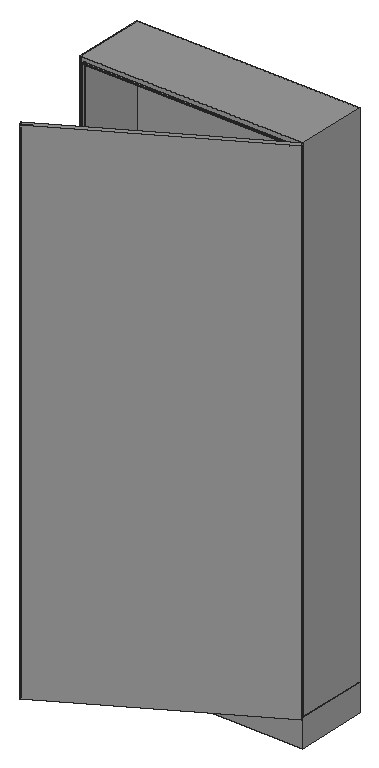
Revit family "Hager-Univers-IP55-D275-H1950-Cl.II-Steel_encl-NoHosted-SE-en", category Equipement électrique, Revit 2020
Family settings
  Configuration du panneau = Deux colonnes, circuits au sein
  Cote de connecteur circulaire = Utiliser le diamètre
  Type d'élément = Tableau de raccordement
  Basée sur le plan de construction = Oui
  Toujours verticalement = Oui
  Couper avec des vides une fois chargée = Non
  Partagée = Non
  Point de calcul de pièce = Non
Parameters (values of type "Floor installation IP55 W800 H1950 D275  - FR23S1")
  Width Control [instance] = if([EF000008 - Width] > Min Width, [EF000008 - Width], Min Width)  # 800 mm
  Commentaires du type = [HG000003 - Range]  # "Univers"
  Thickness Door [instance] = if([EF009171 - Material plate thickness door/cover] > 3 mm, 3 mm, [EF009171 - Material plate thickness door/cover])  # 1.5 mm
  Seal Frame Offset [instance] = 17 mm  # constant formula
  Plinth Visibility [instance] = [HG000027 - Plinth height] > 0 mm  # yes
  Min Width [instance] = 100 mm  # constant formula
  Min Depth [instance] = (2 * [EF009170 - Material plate thickness cabinet]) + 1 mm  # 4 mm
  Min Height [instance] = 100 mm  # constant formula
  Internal Frame Depth [instance] = (Door System Depth * 0.5)  # 9 mm
  Panel Name [instance] = ""  # (empty or 0)
  Model = ""
  HG000027 - Plinth height = 100 mm
  HG000026 - Floor standing = yes
  HG000024 - Bottom section height = 600 mm
  HG000023 - Double section enclosure = no
  HG000016 - Door 3d visibility [instance] = yes
  HG000015 - Clearance visibility [instance] = no
  HG000014 - Door on the right [instance] = yes
  HG000013 - Door on the left [instance] = not([HG000014 - Door on the right])  # no
  HG000012 - Door swing angle [instance] = 30.00°
  HG000010 - Asymmetric doors = no
  HG000009 - Double swing door = no
  HG000006 - Flush mounted = no
  HG000004 - Manufacturer reference = "FR23S1"
  HG000003 - Range = "Univers"
  HG000002 - With door or cover = yes
  Frame Offset Bottom [instance] = 10 mm  # constant formula
  Frame Offset [instance] = 15 mm  # constant formula
  EF015940 - Cover with overpressure release = no
  EF011959 - Degree of protection (NEMA) = ""
  EF009554 - Number of openings for flange plates = 6
  EF009212 - Cover model = "EV000116 - Closed"
  EF009171 - Material plate thickness door/cover = 1.5 mm
  EF009170 - Material plate thickness cabinet = 1.5 mm
  EF008873 - Nominal current (In) = 800 A
  EF007800 - Suitable for lightning protection = no
  EF006306 - With lock = no
  EF006244 - Transparent cover/door = no
  EF005474 - Degree of protection (IP) = "EV006420 - IP55"
  EF004464 - Type of door = "EV002646 - Single"
  EF004427 - Number of modules = 432
  EF004293 - Impact strength = "EV008784 - IK10"
  EF003532 - Suitable for outdoor use = no
  EF002950 - Width in number of modular spacings = 24
  EF001613 - Circuit integrity = "EV000494 - None"
  EF001596 - Material housing = "EV000179 - Steel"
  EF001131 - Internal depth = 275 mm
  EF001088 - Extension possible = yes
  EF000437 - Number of conduit inlets = 6
  EF000339 - Type of cover = "EV004216 - Door"
  EF000266 - Number of rows = 12
  EF000218 - Built-in depth = 0 mm
  EF000118 - With mounting plate = no
  EF000116 - RAL-number = "7035"
  EF000049 - Depth = 275 mm
  EF000040 - Height = 1950 mm
  EF000008 - Width = 800 mm
  EF000007 - Colour = "EV000270 - Grey"
  EF000003 - Mounting method = "EV012274 - Floor installation"
  Door System Leaf Tolerance [instance] = 1.5 mm  # constant formula
  Door System Depth [instance] = 18 mm  # constant formula
  Door Height [instance] = Height Control - [HG000027 - Plinth height]  # 1850 mm
  Description = ""
  Default Elevation = 1219.2 mm
  Connector Offset [instance] = Height Control / 2  # 975 mm
  Fabricant = "Hager"  # constant formula
  Height Control [instance] = if([EF000040 - Height] > Min Height, [EF000040 - Height], Min Height)  # 1950 mm
  Depth Control [instance] = if([EF000049 - Depth] > Min Depth, [EF000049 - Depth], Min Depth)  # 275 mm
  Bottom Top Plate Trim [instance] = 1.5 mm  # constant formula
  Plinth height Ctrl [instance] = if([HG000027 - Plinth height] > 0 mm, [HG000027 - Plinth height], 12 mm)  # 100 mm
Types (11, lengths in mm): name | Width Control | HG000010 - Asymmetric doors | HG000009 - Double swing door | HG000004 - Manufacturer reference | EF009554 - Number of openings for flange plates | EF006244 - Transparent cover/door | EF004464 - Type of door | EF004427 - Number of modules | EF000437 - Number of conduit inlets | EF000008 - Width
  Floor installation IP55 W1050 H1950 D275  - FR24L1 | 1050 | yes | yes | "FR24L1" | 8 | yes | "EV003602 - Double" | 576 | 8 | 1050
  Floor installation IP55 W1050 H1950 D275  - FR24S1 | 1050 | yes | yes | "FR24S1" | 8 | no | "EV003602 - Double" | 576 | 8 | 1050
  Floor installation IP55 W1300 H1950 D275  - FR25L1 | 1300 | yes | yes | "FR25L1" | 10 | yes | "EV003602 - Double" | 720 | 10 | 1300
  Floor installation IP55 W1300 H1950 D275  - FR25S1 | 1300 | yes | yes | "FR25S1" | 10 | no | "EV003602 - Double" | 720 | 10 | 1300
  Floor installation IP55 W1550 H1950 D275  - FR26L1 | 1550 | yes | yes | "FR26L1" | 12 | yes | "EV003602 - Double" | 864 | 12 | 1550
  Floor installation IP55 W1550 H1950 D275  - FR26S1 | 1550 | yes | yes | "FR26S1" | 12 | no | "EV003602 - Double" | 864 | 12 | 1550
  Floor installation IP55 W300 H1950 D275  - FR21S1 | 300 | no | no | "FR21S1" | 2 | no | "EV002646 - Single" | 144 | 2 | 300
  Floor installation IP55 W550 H1950 D275  - FR22L1 | 550 | no | no | "FR22L1" | 4 | yes | "EV002646 - Single" | 288 | 4 | 550
  Floor installation IP55 W550 H1950 D275  - FR22S1 | 550 | no | no | "FR22S1" | 4 | no | "EV002646 - Single" | 288 | 4 | 550
  Floor installation IP55 W800 H1950 D275  - FR23L1 | 800 | no | no | "FR23L1" | 6 | yes | "EV002646 - Single" | 432 | 6 | 800
  Floor installation IP55 W800 H1950 D275  - FR23S1 | 800 | no | no | "FR23S1" | 6 | no | "EV002646 - Single" | 432 | 6 | 800
Reference planes
  plane 1 "Center (Front/Back)": y = 0
  plane 2: z = 0
  plane 3 "Center (Left/Right)": x = 0
  plane 4: y = 0
  plane 5: y = 0
  plane 6: z = 0
  plane 7: x = -400
  plane 8: x = 400
  plane 9: x = 398.5
  plane 10: x = -398.5
  plane 11: z = 100
  plane 12: z = 101.5
  plane 13: y = -275
  plane 14: y = -1.5
  plane 15: x = 0
  plane 16: y = -257
  plane 17: y = -273.5
  plane 18: y = -255.5
  plane 19: x = -383.5
  plane 20: x = 383.5
  plane 21: z = 111.5
  plane 22: x = -383
  plane 23: x = 383
  plane 24: z = 100
  plane 25: z = 1950
  plane 26: z = 1950
  plane 27: z = 1933.5
  plane 28: z = 1948.5
Forms (mm)
  Extrusion 1, solid, material "Hager_Steel_RAL7035_Light_Grey", detail levels medium+fine
    sketch origin (-208.679, -4572, 100) x (-1, 0, 0) y (0, -1, 0)
      loop
        line (191.321, -4315) -> (-608.679, -4315) -> (-608.679, -4572) -> (191.321, -4572) -> (191.321, -4315)
    from 0 to 1850
  Extrusion 2, void
    sketch origin (-350.771, -275, 1219.2) x (1, 0, 0) y (0, 0, 1)
      loop
        line (-47.729, 729.3) -> (-47.729, -1117.7) -> (749.271, -1117.7) -> (749.271, 729.3) -> (-47.729, 729.3)
    from -19.5 to -273.5
  Extrusion 3, void
    sketch origin (-290.084, -257, 1219.2) x (1, 0, 0) y (0, 0, 1)
      loop
        line (-93.416, -1107.7) -> (673.584, -1107.7) -> (673.584, 714.3) -> (-93.416, 714.3) -> (-93.416, -1107.7)
    from 0 to -1.5
  Extrusion 4, solid, material "Hager_Steel_RAL7035_Light_Grey", visible <- "Plinth Visibility", detail levels medium+fine
    sketch origin (0, 0, 0) x (1, 0, 0) y (0, 1, 0)
      loop
        line (-400, 0) -> (-400, -257) -> (400, -257) -> (400, 0) -> (-400, 0)
    from 0 to 100 <- "Plinth height Ctrl"
  Extrusion 5, solid, material "Hager_Steel_RAL7035_Light_Grey", detail levels coarse
    sketch origin (0, 0, 0) x (1, 0, 0) y (0, 1, 0)
      loop
        line (-400, 0) -> (-400, -275) -> (400, -275) -> (400, 0) -> (-400, 0)
    from 0 to 1950 <- "Height Control"
  Sweep 6, void
    path in 3D
      loop
        line (-400, -257, 100) -> (400, -257, 100) -> (400, 0, 100) -> (-400, 0, 100) -> (-400, -257, 100)
    profile origin (-400, -128.5, 100) x (1, 0, 0) y (0, 0, 1)
      loop
        line (0, 0) -> (0, -1.5) -> (1.5, -1.5)
        arc (1.5, -1.5) -> (1.061, -0.439) -> (0, 0) r 1.5
  Extrusion 7, solid, material "Hager_Steel_RAL7035_Light_Grey", detail levels fine
    sketch origin (-400, -257, 100) x (1, 0, 0) y (0, 0, 1)
      loop
        line (16.5, 11.5) -> (783.5, 11.5) -> (783.5, 1833.5) -> (16.5, 1833.5) -> (16.5, 11.5)
      loop
        line (15, 10) -> (785, 10) -> (785, 1835) -> (15, 1835) -> (15, 10)
    from 0 to 9 <- "Internal Frame Depth"
Cuts and joins
  Extrusion 2, Extrusion 3 cuts Extrusion 1
  Sweep 6 cuts Extrusion 4
Lines and regions (mm)
  Masking region 1
    outline origin (0, 0, 0) x (1, 0, 0) y (0, 1, 0)
      loop
        line (-400, 0) -> (-400, -275) -> (400, -275) -> (400, 0) -> (-400, 0)
  Masking region 2, detail levels coarse
    outline origin (-290.084, -257, 1219.2) x (-1, 0, 0) y (0, 0, 1)
      loop
        line (-690.084, -1219.2) -> (109.916, -1219.2) -> (109.916, 730.8) -> (-690.084, 730.8) -> (-690.084, -1219.2)
  Masking region 3, detail levels coarse
    outline origin (0, 0, 0) x (0, 1, 0) y (0, 0, 1)
      loop
        line (0, 0) -> (0, 1950) -> (-275, 1950) -> (-275, 0) -> (0, 0)
  Masking region 4, visible <- "Plinth Visibility", detail levels medium+fine
    outline origin (0, 0, 0) x (0, 1, 0) y (0, 0, 1)
      loop
        line (-1.5, 100) -> (-255.5, 100)
        arc (-255.5, 100) -> (-255.939, 98.939) -> (-257, 98.5) r 1.5
        line (-257, 98.5) -> (-257, 0) -> (0, 0) -> (0, 98.5)
        arc (0, 98.5) -> (-1.061, 98.939) -> (-1.5, 100) r 1.5
  Masking region 5, detail levels medium+fine
    outline origin (0, 0, 594.038) x (0, 1, 0) y (0, 0, 1)
      loop
        line (0, -494.038) -> (0, 1355.962) -> (-257, 1355.962) -> (-257, -494.038) -> (0, -494.038)
  Masking region 6, detail levels medium+fine
    outline origin (-359.7, -257, 1211.883) x (-1, 0, 0) y (0, 0, 1)
      loop
        line (-759.7, -1111.883) -> (40.3, -1111.883) -> (40.3, 738.117) -> (-759.7, 738.117) -> (-759.7, -1111.883)
  Masking region 7, visible <- "Plinth Visibility", detail levels medium+fine
    outline origin (-320.334, -257, 1041.368) x (-1, 0, 0) y (0, 0, 1)
      loop
        line (-720.334, -1041.368) -> (79.666, -1041.368) -> (79.666, -942.868)
        arc (79.666, -942.868) -> (78.606, -942.429) -> (78.166, -941.368) r 1.5
        line (78.166, -941.368) -> (-718.834, -941.368)
        arc (-718.834, -941.368) -> (-719.273, -942.429) -> (-720.334, -942.868) r 1.5
        line (-720.334, -942.868) -> (-720.334, -1041.368)
  sketch lines
    curve 1: line (-400, 0, 100) -> (-400, -257, 100)
    curve 2: line (-400, -257, 100) -> (400, -257, 100)
    curve 3: line (400, 0, 100) -> (-400, 0, 100)
    curve 4: line (400, -257, 100) -> (400, 0, 100)
Dimensions and locks
  locked: plane 1 "Center (Front/Back)" to plane 5
  "EF009170 - Material plate thickness cabinet": plane 7 to plane 10
  "EF009170 - Material plate thickness cabinet": plane 8 to plane 9
  equal spacing: plane 7, plane 3 "Center (Left/Right)", plane 8
  "Width Control": plane 7 to plane 8
  "Depth Control": plane 4 to plane 13
  "EF009170 - Material plate thickness cabinet": plane 4 to plane 14
  "Height Control": plane 25 to level
  "HG000027 - Plinth height": plane 11 to level
  "EF009170 - Material plate thickness cabinet": plane 12 to plane 11
  "EF009170 - Material plate thickness cabinet": plane 17 to plane 13
  "EF009170 - Material plate thickness cabinet": plane 18 to plane 16
  "Frame Offset Bottom": plane 21 to plane 12
  "Frame Offset": plane 10 to plane 19
  "Frame Offset": plane 9 to plane 20
  "Door System Depth": plane 16 to plane 13
  "Seal Frame Offset": plane 7 to plane 22
  "Seal Frame Offset": plane 8 to plane 23
  "EF009170 - Material plate thickness cabinet": plane 26 to plane 28
  "Frame Offset": plane 28 to plane 27
  "Connector Offset": plane 2 to connector elem
  "Bottom Top Plate Trim": profile plane to Sweep 6 sketch curve
  "Bottom Top Plate Trim": Sweep 6 sketch curve to Sweep 6 sketch curve
  "Plinth height Ctrl": Masking region 4 sketch curve to level
  "Plinth height Ctrl": Masking region 7 sketch curve to level
  "Thickness Door": Extrusion 7 sketch curve to Extrusion 7 sketch curve  (x4)
  "Bottom Top Plate Trim": radius of Sweep 6 sketch curve
  "Bottom Top Plate Trim": radius of Masking region 4 sketch curve  (x2)
  "Bottom Top Plate Trim": radius of Masking region 7 sketch curve  (x2)
  aligned and locked: Extrusion 2 sketch curve to plane 12
  aligned and locked: Extrusion 2 sketch curve to plane 9
  aligned and locked: Extrusion 2 sketch curve to plane 10
  aligned and locked: Extrusion 2 to plane 14
  aligned and locked: Extrusion 1 sketch curve to plane 4
  aligned and locked: plane 8 to Extrusion 1 sketch curve
  aligned and locked: plane 7 to Extrusion 1 sketch curve
  aligned and locked: Extrusion 2 to plane 18
  aligned and locked: Extrusion 3 sketch curve to plane 19
  aligned and locked: plane 20 to Extrusion 3 sketch curve
  aligned and locked: Extrusion 3 to Extrusion 2
  aligned and locked: Extrusion 3 sketch curve to plane 21
  aligned and locked: plane 3 "Center (Left/Right)" to nested 1
  aligned and locked: Extrusion 1 sketch curve to plane 16
  aligned and locked: Extrusion 4 sketch curve to cut or joined group of Extrusion 1, Extrusion 2, Extrusion 3
  aligned and locked: Masking region 1 sketch curve to plane 7
  aligned and locked: Masking region 1 sketch curve to plane 5
  aligned and locked: Masking region 1 sketch curve to plane 8
  aligned and locked: Masking region 2 sketch curve to level
  aligned and locked: level to Masking region 3 sketch curve
  aligned and locked: plane 1 "Center (Front/Back)" to Masking region 3 sketch curve
  aligned and locked: plane 13 to Masking region 3 sketch curve
  aligned and locked: plane 5 to Masking region 4 sketch curve
  aligned and locked: Masking region 2 sketch curve to plane 8
  aligned and locked: Masking region 2 sketch curve to plane 7
  aligned and locked: plane 7 to nested 2
  aligned and locked: nested 2 to plane 5
  aligned and locked: plane 5 to Masking region 5 sketch curve
  aligned and locked: plane 26 to Masking region 5 sketch curve
  aligned and locked: Extrusion 5 sketch curve to plane 8
  aligned and locked: Extrusion 5 sketch curve to plane 7
  aligned and locked: Extrusion 5 sketch curve to plane 5
  aligned and locked: Extrusion 3 sketch curve to plane 27
  aligned and locked: Extrusion 2 sketch curve to plane 28
  aligned and locked: Masking region 2 to plane 25
  aligned and locked: Extrusion 4 to plane 16
  aligned and locked: profile plane to Sweep 6 sketch curve
  aligned and locked: Masking region 5 sketch curve to plane 24
  aligned and locked: level to Masking region 4 sketch curve
  aligned and locked: Masking region 1 to plane 13
  aligned and locked: nested 1 to plane 16
  aligned and locked: Masking region 3 to plane 25
  aligned and locked: plane 16 to Masking region 4 sketch curve
  aligned and locked: Masking region 5 sketch curve to plane 16
  aligned and locked: plane 24 to plane 11
  aligned and locked: plane 26 to plane 25
  aligned and locked: plane 26 to cut or joined group of Extrusion 1, Extrusion 2, Extrusion 3
  aligned and locked: nested 1 to plane 24
  aligned and locked: Extrusion 1 to Extrusion 3
  aligned and locked: Masking region 6 sketch curve to plane 8
  aligned and locked: Masking region 6 sketch curve to plane 24
  aligned and locked: Masking region 6 sketch curve to plane 7
  aligned and locked: Masking region 6 sketch curve to plane 26
  aligned and locked: Masking region 7 sketch curve to plane 7
  aligned and locked: level to Masking region 7 sketch curve
  aligned and locked: Masking region 7 sketch curve to plane 8
  aligned and locked: Extrusion 7 sketch curve to cut or joined group of Extrusion 1, Extrusion 2, Extrusion 3  (x4)
Automatic sketch dimensions
  plane 19 to Extrusion 3 sketch curve = 0 mm
  Extrusion 3 sketch curve to plane 20 = 0 mm
  Extrusion 3 sketch curve to plane 21 = 0 mm
  Extrusion 4 sketch curve to plane 7 = 0 mm
  Extrusion 4 sketch curve to plane 8 = 0 mm
  Extrusion 4 sketch curve to plane 16 = 0 mm
  Masking region 1 sketch curve to plane 13 = 0 mm
  Masking region 2 sketch curve to plane 25 = 0 mm
  Masking region 3 sketch curve to plane 25 = 0 mm
  Extrusion 5 sketch curve to plane 13 = 0 mm
  profile plane to Sweep 6 sketch curve = 0 mm
Nested families
  nested 1: "EC000058_Univers_Door" at (0, -257, 100), Double <- "HG000009 - Double swing door", Transparent <- "EF006244 - Transparent cover/door", Angle <- "HG000012 - Door swing angle", Door_Right <- "HG000014 - Door on the right", Assymetrical <- "HG000010 - Asymmetric doors", Door <- "HG000002 - With door or cover", Width_Ctrl <- "Width Control", 3d_Door <- "HG000016 - Door 3d visibility", Clearance <- "HG000015 - Clearance visibility", Door_Left <- "HG000013 - Door on the left", Width <- "Width Control", Door_Depth <- "Door System Depth", Leaf_Tolerance <- "Door System Leaf Tolerance", Height <- "Door Height", Lock_Visibility <- "EF006306 - With lock", Thickness <- "Thickness Door", type "EC000058_Univers_Door", detail levels medium+fine
    with min_wh 4 mm, Width_Ctrl 800 mm, Width 800 mm, Transparent no, Thickness 1.5 mm, Seal_Material Hager_Rubber, Lock_Visibility no, Lock_Material Hager_Plastic_RAL9005_Jet_Black, Leaf_Width 800 mm, Leaf_Tolerance_External_Sides 0 mm, Leaf_Tolerance 1.5 mm, Leaf_Offset 0 mm, Leaf_Height 1847 mm, Leaf_2_Width 800 mm, Leaf_2_Offset 400 mm, Leaf_1_Width 800 mm, Leaf_1_Offset 400 mm, Height_Ctrl 1850 mm, Height 1850 mm, Glass_Material Hager_Glass, Double_Clearance_Ctrl no, Double no, Door_Right_Ctrl yes, Door_Right yes, Door_Material Hager_Steel_RAL7035_Light_Grey, Door_Left_Ctrl no, Door_Left no, Door_Depth 18 mm, Door yes, Clearance_Material Hager_Clearance, Clearance_Depth 800 mm, Clearance_Ctrl no, Clearance no, Assymetrical no, Angle 30.00°, 3d_Door yes
  nested 2: "Hager_Enclosure_Symbol" at (-400, 0, 0), Height <- "Depth Control", Width <- "Width Control", type "Hager_Enclosure_Symbol"
    with Width_Ctrl 800 mm, Width 800 mm, Height_Ctrl 275 mm, Height 275 mm, A_Width_Int 18.047 mm, A_Width 216.562 mm, A_Height_Ctrl 240.625 mm, A_Height 240.625 mm
Connectors
  electrical at (0, 0, 975)
    settings: on plane 1 "Center (Front/Back)", index 1, voltage 0 V, apparent load 0 VA, apparent load phase1 0 VA, apparent load phase2 0 VA, apparent load phase3 0 VA, power factor 1, load classification "Other", number of poles 1, system type 30, power factor state 1, is connector primary yes, connector utility no, sub classification motor no, connector description ""
Definition of nested family "EC000058_Univers_Door"
  Parameters (values of type "EC000058_Univers_Door")
    min_wh [instance] = (2 * Thickness) + 1 mm  # 11 mm
    Width_Ctrl [instance] = 400 mm
    Width [instance] = 500 mm
    Transparent [instance] = yes
    Thickness [instance] = 5 mm
    Seal_Material [instance] = none
    Lock_Visibility [instance] = yes
    Lock_Material [instance] = none
    Leaf_Width [instance] = if((Width_Ctrl - 2 * Leaf_Tolerance_External_Sides) > 0 mm, (Width_Ctrl - 2 * Leaf_Tolerance_External_Sides), min_wh)  # 400 mm
    Leaf_Tolerance_External_Sides [instance] = 0 mm  # constant formula
    Leaf_Tolerance [instance] = 1.5 mm
    Leaf_Offset [instance] = 0 mm  # constant formula
    Leaf_Height [instance] = if((Height_Ctrl - 2 * Leaf_Tolerance) > 0 mm, (Height_Ctrl - 2 * Leaf_Tolerance), min_wh)  # 497 mm
    Leaf_2_Width [instance] = if(and(and(Double, Assymetrical), Door_Left), (Leaf_Width / 3) - (Leaf_Tolerance / 2), if(and(and(Double, Assymetrical), Door_Right), (Leaf_Width / 3) * 2 - (Leaf_Tolerance / 2), if(and(Double, not(Assymetrical)), (Leaf_Width / 2) - Leaf_Tolerance, Leaf_Width)))  # 400 mm
    Leaf_2_Offset [instance] = if(and(Double, Assymetrical), Leaf_2_Width / 2, if(and(Double, not(Assymetrical)), Leaf_Width / 4, Leaf_Width / 2))  # 200 mm
    Leaf_1_Width [instance] = if(and(and(Double, Assymetrical), Door_Right), (Leaf_Width / 3) - (Leaf_Tolerance / 2), if(and(and(Double, Assymetrical), Door_Left), (Width / 3) * 2 - (Leaf_Tolerance / 2), if(and(Double, not(Assymetrical)), (Leaf_Width / 2) - Leaf_Tolerance, Leaf_Width)))  # 400 mm
    Leaf_1_Offset [instance] = if(and(Double, Assymetrical), Leaf_1_Width / 2, if(and(Double, not(Assymetrical)), Leaf_Width / 4, Leaf_Width / 2))  # 200 mm
    Height_Ctrl [instance] = if(Height > min_wh, Height, min_wh)  # 500 mm
    Height [instance] = 500 mm
    Glass_Material [instance] = none
    Double_Clearance_Ctrl [instance] = and(Double, Clearance)  # no
    Double [instance] = no
    Door_Right_Ctrl [instance] = and(or(Door_Right, Double), Door)  # yes
    Door_Right [instance] = yes
    Door_Material [instance] = none
    Door_Left_Ctrl [instance] = and(or(Door_Left, Double), Door)  # no
    Door_Left [instance] = no
    Door_Depth [instance] = 30 mm
    Door [instance] = yes
    Default Elevation = 1219.2 mm
    Clearance_Material [instance] = none
    Clearance_Depth [instance] = if(Leaf_1_Width > Leaf_2_Width, Leaf_1_Width, Leaf_2_Width)  # 400 mm
    Clearance_Ctrl [instance] = and(not(Double), Clearance)  # yes
    Clearance [instance] = yes
    Assymetrical [instance] = yes
    Angle [instance] = 30.00°
    3d_Door [instance] = yes
  Reference planes
    plane 1 "Center (Front/Back)": y = 0
    plane 2 "Bottom": z = 0
    plane 3 "Center (Left/Right)": x = 0
    plane 4: z = 500
    plane 5: x = -200
    plane 6: x = 200
    plane 7: z = 500
    plane 8: x = -200
    plane 9: z = 0
    plane 10: x = 200
    plane 11: y = 0
    plane 12: z = 1.5
    plane 13: x = -600
    plane 14: y = -400
    plane 15: x = 600
    plane 16: x = 0
    plane 17: x = 0
    plane 18: x = -200
    plane 19: x = 200
    plane 20: z = 498.5
  Forms (mm)
    Extrusion 1, solid, material <- "Clearance_Material", visible <- "Double_Clearance_Ctrl"
      sketch origin (1200, 0, 0) x (1, 0, 0) y (0, 0, -1)
        loop
          line (-1800, -498.5) -> (-600, -498.5) -> (-600, 0) -> (-1800, 0) -> (-1800, -498.5)
      from 0 to -400
  Dimensions and locks
    equal spacing: plane 5, plane 3 "Center (Left/Right)", plane 6
    "Width_Ctrl": plane 5 to plane 6
    "Leaf_Offset": plane 5 to plane 8
    "Leaf_Offset": plane 6 to plane 10
    "Leaf_Offset": plane 9 to level
    "Leaf_Offset": plane 4 to plane 7
    "Height_Ctrl": plane 4 to level
    "Leaf_Tolerance": plane 12 to plane 9
    locked: plane 11 to plane 1 "Center (Front/Back)"
    "Leaf_1_Offset": plane 18 to plane 16
    "Leaf_2_Offset": plane 17 to plane 19
    "Leaf_1_Width": plane 13 to plane 8
    "Leaf_2_Width": plane 10 to plane 15
    "Clearance_Depth": plane 14 to plane 1 "Center (Front/Back)"
    "Leaf_Tolerance_External_Sides": plane 8 to plane 18
    "Leaf_Tolerance_External_Sides": plane 19 to plane 10
    "Leaf_Tolerance": plane 7 to plane 20
    aligned and locked: level to plane 2 "Bottom"
    aligned and locked: nested 1 to plane 16
    aligned and locked: nested 2 to plane 17
    aligned and locked: Extrusion 1 to plane 13
    aligned and locked: plane 15 to Extrusion 1
    aligned and locked: Extrusion 1 to plane 14
    aligned and locked: plane 12 to nested 1
    aligned and locked: nested 2 to plane 12
    aligned and locked: Extrusion 1 to plane 11
    aligned and locked: plane 20 to Extrusion 1
    aligned and locked: nested 2 to plane 11
    aligned and locked: nested 1 to plane 11
  Automatic sketch dimensions
    Extrusion 1 sketch curve to level = 0 mm
    plane 5 to Extrusion 1 sketch curve = 400 mm
    plane 6 to Extrusion 1 sketch curve = 400 mm
    Extrusion 1 sketch curve to plane 4 = 1.5 mm
  Nested families
    nested 1: "EC000058_Univers_Door_Leaf" at (0, 0, 1.5), Width <- "Leaf_1_Width", visible <- "Door_Left_Ctrl", Leaf_Height <- "Leaf_Height", Angle <- "Angle", 3d_Door <- "3d_Door", Transparent <- "Transparent", Clearance Material <- "Clearance_Material", Clearance <- "Clearance_Ctrl", Door_Material <- "Door_Material", Glass_Material <- "Glass_Material", Door_Depth <- "Door_Depth", Lock_Material <- "Lock_Material", Seal_Material <- "Seal_Material", Lock_Visibility <- "Lock_Visibility", Thickness <- "Thickness", type "EC000058_Univers_Door_Leaf"
      with Width 400 mm, Transparent_Glass_Offset 30 mm, Transparent_Ctrl yes, Transparent yes, Thickness 5 mm, Standard no, Seal_Material none, Seal_D2 8 mm, Seal_D1 1 mm, Offset_Internal_Frame 10 mm, Lock_Width 20 mm, Lock_Visibility_3d yes, Lock_Visibility yes, Lock_Thickness_3 3 mm, Lock_Thickness_2 1 mm, Lock_Thickness_1 3 mm, Lock_Radius_Offset_2 16 mm, Lock_Radius_Offset_1 15 mm, Lock_Radius_2 5 mm, Lock_Radius 6 mm, Lock_Offset 5 mm, Lock_Material none, Lock_Height 80 mm, Lock_Cover_Top_Offset_2d 17 mm, Lock_Cover_Height -65 mm, Leaf_Height 497 mm, Internal_Seal_Thickness 8 mm, Internal_Seal_Depth_2 4.5 mm, Internal_Frame_Depth 25 mm, Glass_Thickness -1 mm, Glass_Offset -2 mm, Glass_Material none, Door_Material none, Door_Depth 30 mm, Clearance Material none, Clearance yes, Angle_Ctrl 30.00°, Angle 30.00°, 3d_Door yes
    nested 2: "EC000058_Univers_Door_Leaf" at (0, 0, 1.5) x (-1, 0, 0) z (0, 0, 1), Width <- "Leaf_2_Width", visible <- "Door_Right_Ctrl", Leaf_Height <- "Leaf_Height", Angle <- "Angle", 3d_Door <- "3d_Door", Transparent <- "Transparent", Clearance Material <- "Clearance_Material", Clearance <- "Clearance_Ctrl", Door_Material <- "Door_Material", Glass_Material <- "Glass_Material", Door_Depth <- "Door_Depth", Lock_Material <- "Lock_Material", Seal_Material <- "Seal_Material", Lock_Visibility <- "Lock_Visibility", Thickness <- "Thickness", type "EC000058_Univers_Door_Leaf"
      with Width 400 mm, Transparent_Glass_Offset 30 mm, Transparent_Ctrl yes, Transparent yes, Thickness 5 mm, Standard no, Seal_Material none, Seal_D2 8 mm, Seal_D1 1 mm, Offset_Internal_Frame 10 mm, Lock_Width 20 mm, Lock_Visibility_3d yes, Lock_Visibility yes, Lock_Thickness_3 3 mm, Lock_Thickness_2 1 mm, Lock_Thickness_1 3 mm, Lock_Radius_Offset_2 16 mm, Lock_Radius_Offset_1 15 mm, Lock_Radius_2 5 mm, Lock_Radius 6 mm, Lock_Offset 5 mm, Lock_Material none, Lock_Height 80 mm, Lock_Cover_Top_Offset_2d 17 mm, Lock_Cover_Height -65 mm, Leaf_Height 497 mm, Internal_Seal_Thickness 8 mm, Internal_Seal_Depth_2 4.5 mm, Internal_Frame_Depth 25 mm, Glass_Thickness -1 mm, Glass_Offset -2 mm, Glass_Material none, Door_Material none, Door_Depth 30 mm, Clearance Material none, Clearance yes, Angle_Ctrl 30.00°, Angle 30.00°, 3d_Door yes
  Definition of nested family "EC000058_Univers_Door_Leaf"
    Parameters (values of type "EC000058_Univers_Door_Leaf")
      Width [instance] = 2000 mm
      Transparent_Glass_Offset [instance] = 30 mm
      Transparent_Ctrl [instance] = and(Transparent, [3d_Door])  # yes
      Transparent [instance] = yes
      Thickness [instance] = 5 mm
      Standard [instance] = and(not(Transparent), [3d_Door])  # no
      Seal_Material [instance] = none
      Seal_D2 [instance] = 8 mm  # constant formula
      Seal_D1 [instance] = 1 mm  # constant formula
      Offset_Internal_Frame [instance] = 10 mm  # constant formula
      Lock_Width [instance] = 20 mm  # constant formula
      Lock_Visibility_3d [instance] = and(Lock_Visibility, [3d_Door])  # yes
      Lock_Visibility [instance] = yes
      Lock_Thickness_3 [instance] = 3 mm  # constant formula
      Lock_Thickness_2 [instance] = 1 mm  # constant formula
      Lock_Thickness_1 [instance] = 3 mm  # constant formula
      Lock_Radius_Offset_2 [instance] = Lock_Radius_Offset_1 + 1 mm  # 16 mm
      Lock_Radius_Offset_1 [instance] = 15 mm  # constant formula
      Lock_Radius_2 [instance] = Lock_Radius - 1 mm  # 5 mm
      Lock_Radius [instance] = 6 mm  # constant formula
      Lock_Offset [instance] = 5 mm  # constant formula
      Lock_Material [instance] = none
      Lock_Height [instance] = 80 mm  # constant formula
      Lock_Cover_Top_Offset_2d [instance] = Lock_Radius_Offset_2 + 1 mm  # 17 mm
      Lock_Cover_Height [instance] = -(Lock_Height - Lock_Radius_Offset_1)  # -65 mm
      Leaf_Height [instance] = 2720.336 mm
      Internal_Seal_Thickness [instance] = 8 mm  # constant formula
      Internal_Seal_Depth_2 [instance] = 4.5 mm  # constant formula
      Internal_Frame_Depth [instance] = if(Door_Depth - Thickness > 5 mm, Door_Depth - Thickness, 5 mm)  # 25 mm
      Glass_Thickness [instance] = if(Thickness > 15 mm, Glass_Offset + 10 mm, -1 mm)  # -1 mm
      Glass_Offset [instance] = if(Thickness > 15 mm, -(Thickness + 10 mm) / 2, -2 mm)  # -2 mm
      Glass_Material [instance] = none
      Door_Material [instance] = none
      Door_Depth [instance] = 30 mm
      Default Elevation = 0 mm
      Clearance Material [instance] = none
      Clearance [instance] = yes
      Angle_Ctrl [instance] = if(Angle > 180.00°, 180.00°, Angle)  # 90.00°
      Angle [instance] = 90.00°
      3d_Door [instance] = yes
    Reference planes
      plane 1 "Center (Front/Back)": y = 0
      plane 2: z = 0
      plane 3 "Center (Left/Right)": x = 0
      plane 4: y = 2000
      plane 5: x = -1000
      plane 6: x = 1000
      plane 7: x = -3000
      plane 8: z = 2720.336
      plane 9: z = 30
      plane 10: z = 2690.336
      plane 11: x = 970
      plane 12: x = -970
      plane 13: y = -3
      plane 14: z = 107.833
      plane 15: y = -5
      plane 16: y = -223.314
      plane 17: x = -1000
      plane 18: z = 1360.168
      plane 19: y = 30
    Forms (mm)
      Extrusion 1, solid, material <- "Clearance Material", visible <- "Clearance"
        sketch origin (0, 0, 0) x (1, 0, 0) y (0, 0, 1)
          loop
            line (-3000, 2720.336) -> (-3000, 0) -> (1000, 0) -> (1000, 2720.336) -> (-3000, 2720.336)
        from 0 to -2000
      Extrusion 2, solid, material <- "Door_Material", visible <- "Standard", detail levels medium+fine
        sketch origin (-1000, 0, 0) x (0, 1, 0) y (-1, 0, 0)
          loop
            line (0, 30) -> (0, 25) -> (2000, 25) -> (2000, 30) -> (0, 30)
        from 0 to 2720.336 <- "Leaf_Height"
      Extrusion 3, solid, material <- "Door_Material", visible <- "Transparent_Ctrl", detail levels medium+fine
        sketch origin (-1000, 0, 0) x (0, 1, 0) y (-1, 0, 0)
          loop
            line (0, 25) -> (2000, 25) -> (2000, 30) -> (0, 30) -> (0, 25)
        from 0 to 2720.336 <- "Leaf_Height"
      Extrusion 4, void
        sketch origin (-1025, 2000, 0) x (0, 1, 0) y (0, 0, -1)
          loop
            line (-30, -2690.336) -> (-30, -30) -> (-1970, -30) -> (-1970, -2690.336) -> (-30, -2690.336)
        from 0 to 5 <- "Thickness"
      Sweep 5, solid, material <- "Seal_Material", visible <- "Transparent_Ctrl", detail levels fine
        path in 3D
          loop
            line (-1025, 30, 30) -> (-1025, 30, 2690.336) -> (-1025, 1970, 2690.336) -> (-1025, 1970, 30) -> (-1025, 30, 30)
        profile origin (-1025, 1000, 30) x (1, 0, 0) y (0, 0, 1)
          loop
            line (0, 0) -> (0, -8) -> (1, -8) -> (1, 0) -> (0, 0)
      Extrusion 6, solid, material <- "Glass_Material", visible <- "Transparent_Ctrl", detail levels medium+fine
        sketch origin (-1030, 0, 0) x (0, 1, 0) y (0, 0, -1)
          loop
            line (1970, -2690.336) -> (1970, -30) -> (30, -30) -> (30, -2690.336) -> (1970, -2690.336)
        from -2 <- "Glass_Offset" to -1 <- "Glass_Thickness"
      Extrusion 7, solid, material <- "Door_Material", visible <- "3d_Door", detail levels medium+fine
        sketch origin (-1025, 2000, 0) x (0, -1, 0) y (0, 0, -1)
          loop
            line (0, -2720.336) -> (2000, -2720.336) -> (2000, 0) -> (0, 0) -> (0, -2720.336)
          loop
            line (1995, -5) -> (5, -5) -> (5, -2715.336) -> (1995, -2715.336) -> (1995, -5)
        from 0 to 25 <- "Internal_Frame_Depth"
      Sweep 8, solid, material <- "Seal_Material", visible <- "Transparent_Ctrl", detail levels fine
        path in 3D
          loop
            line (-1025, 0, 0) -> (-1025, 2000, 0) -> (-1025, 2000, 2720.336) -> (-1025, 0, 2720.336) -> (-1025, 0, 0)
        profile origin (-1025, 0, 1360.168) x (1, 0, 0) y (0, 1, 0)
          loop
            line (0, 10) -> (2.975, 10)
            arc (2.975, 10) -> (4.053, 10.447) -> (4.5, 11.525) r 1.525
            line (4.5, 11.525) -> (4.5, 16.527)
            arc (4.5, 16.527) -> (4.069, 17.569) -> (3.027, 18) r 1.473
            line (3.027, 18) -> (0, 18) -> (0, 10)
      Extrusion 9, solid, material <- "Lock_Material", visible <- "Lock_Visibility_3d", detail levels fine
        sketch origin (-1030, 0, 0) x (0, 1, 0) y (0, 0, -1)
          loop
            arc (1993.5, -1400.168) -> (1994.561, -1399.729) -> (1995, -1398.668) r 1.5
            line (1995, -1398.668) -> (1995, -1320.168) -> (1975, -1320.168) -> (1975, -1398.668)
            arc (1975, -1398.668) -> (1975.439, -1399.729) -> (1976.5, -1400.168) r 1.5
            line (1976.5, -1400.168) -> (1993.5, -1400.168)
        from 3 <- "Lock_Thickness_1" to 0
      Blend 10, solid, material <- "Lock_Material", visible <- "Lock_Visibility_3d", detail levels fine
        base sketch origin (-1033, 0, 0) x (0, 1, 0) y (0, 0, -1)
          loop
            line (1975, -1320.168) -> (1975, -1398.668)
            arc (1975, -1398.668) -> (1975.439, -1399.729) -> (1976.5, -1400.168) r 1.5
            line (1976.5, -1400.168) -> (1993.5, -1400.168)
            arc (1993.5, -1400.168) -> (1994.561, -1399.729) -> (1995, -1398.668) r 1.5
            line (1995, -1398.668) -> (1995, -1320.168) -> (1975, -1320.168)
        top sketch origin (-1033, 0, 0) x (0, 1, 0) y (0, 0, -1)
          loop
            line (1976, -1320.168) -> (1976, -1398.668)
            arc (1976, -1398.668) -> (1976.146, -1399.022) -> (1976.5, -1399.168) r 0.5
            line (1976.5, -1399.168) -> (1993.5, -1399.168)
            arc (1993.5, -1399.168) -> (1993.854, -1399.022) -> (1994, -1398.668) r 0.5
            line (1994, -1398.668) -> (1994, -1320.168) -> (1976, -1320.168)
        from 0 to 1 <- "Lock_Thickness_2"
      Blend 11, solid, material <- "Lock_Material", visible <- "Lock_Visibility_3d", detail levels fine
        base sketch origin (-1034, 0, 0) x (0, 1, 0) y (0, 0, -1)
          loop
            line (1978, -1320.168) -> (1978, -1384.168)
            arc (1978, -1384.168) -> (1985, -1391.168) -> (1992, -1384.168) r 7
            line (1992, -1384.168) -> (1992, -1320.168) -> (1978, -1320.168)
        top sketch origin (-1034, 0, 0) x (0, 1, 0) y (0, 0, -1)
          loop
            line (1991, -1320.168) -> (1979, -1320.168) -> (1979, -1383.168)
            arc (1979, -1383.168) -> (1985, -1389.168) -> (1991, -1383.168) r 6
            line (1991, -1383.168) -> (1991, -1320.168)
        from 0 to 3 <- "Lock_Thickness_3"
      Extrusion 12, solid, material <- "Lock_Material", visible <- "Lock_Visibility_3d", detail levels fine
        sketch origin (-1030, 1975, 1320.168) x (1, 0, 0) y (0, -1, 0)
          loop
            line (-7, -19) -> (-7, -1) -> (0, -1) -> (0, 0) -> (-8, 0) -> (-8, -20) -> (0, -20) -> (0, -19) -> (-7, -19)
        from 0 to -65 <- "Lock_Cover_Height"
      Extrusion 13, void
        sketch origin (-1038, 1995, 1320.168) x (-1, 0, 0) y (0, 0, -1)
          loop
            line (-5, -65) -> (0, -65) -> (-5, -60) -> (-5, -65)
        from 0 to 20 <- "Lock_Width"
      Extrusion 14, void
        sketch origin (-1038, 1975, 1320.168) x (0, -1, 0) y (0, 0, -1)
          loop
            circle (-10, -15.995) r 6
          loop
            circle (-10, -15.995) r 5
        from 0 to 2
      Extrusion 15, solid, material <- "Lock_Material", visible <- "Lock_Visibility_3d", detail levels medium
        sketch origin (-1030, 0, 0) x (0, 1, 0) y (0, 0, -1)
          loop
            arc (1993.5, -1400.168) -> (1994.561, -1399.729) -> (1995, -1398.668) r 1.5
            line (1995, -1398.668) -> (1995, -1320.168) -> (1975, -1320.168) -> (1975, -1398.668)
            arc (1975, -1398.668) -> (1975.439, -1399.729) -> (1976.5, -1400.168) r 1.5
            line (1976.5, -1400.168) -> (1993.5, -1400.168)
        from 8 to 0
    Cuts and joins
      Extrusion 4 cuts Extrusion 3
      Extrusion 13, Extrusion 14 cuts Extrusion 9
      Extrusion 14 cuts Blend 11
      Extrusion 13, Extrusion 14 cuts Extrusion 12
      joined: Extrusion 9, Blend 10, Blend 11, Extrusion 12
      Extrusion 14 cuts Extrusion 15
    Lines and regions (mm)
      Masking region 1, visible <- "Lock_Visibility", detail levels fine
        outline origin (0, 0, 0) x (0, 1, 0) y (0, 0, 1)
          loop
            line (30, 1320.168) -> (33, 1320.168) -> (33, 1400.168) -> (30, 1400.168) -> (30, 1320.168)
      Masking region 2, visible <- "Lock_Visibility", detail levels fine
        outline origin (0, 3.143, 0) x (0, 1, 0) y (0, 0, 1)
          loop
            line (29.857, 1354.168) -> (30.857, 1354.168) -> (30.857, 1366.168) -> (29.857, 1366.168) -> (29.857, 1354.168)
      Masking region 3, detail levels medium+fine
        outline origin (0, 0, 0) x (0, 1, 0) y (0, 0, 1)
          loop
            line (0, 0) -> (30, 0) -> (30, 2720.336) -> (0, 2720.336) -> (0, 0)
      Masking region 4, detail levels medium+fine
        outline origin (0, 0, 0) x (1, 0, 0) y (0, 0, 1)
          loop
            line (-1000, 2720.336) -> (-1000, 0) -> (1000, 0) -> (1000, 2720.336) -> (-1000, 2720.336)
      Masking region 5, visible <- "Lock_Visibility", detail levels fine
        outline origin (-47.116, 0, 0) x (1, 0, 0) y (0, 0, 1)
          loop
            arc (1024.616, 1399.168) -> (1023.556, 1398.729) -> (1023.116, 1397.668) r 1.5
            line (1023.116, 1397.668) -> (1023.116, 1320.168) -> (1041.116, 1320.168) -> (1041.116, 1397.668)
            arc (1041.116, 1397.668) -> (1040.677, 1398.729) -> (1039.616, 1399.168) r 1.5
            line (1039.616, 1399.168) -> (1024.616, 1399.168)
      Masking region 6, visible <- "Lock_Visibility", detail levels medium+fine
        outline origin (-25, 0, 0) x (1, 0, 0) y (0, 0, 1)
          loop
            arc (1001.5, 1400.168) -> (1000.439, 1399.729) -> (1000, 1398.668) r 1.5
            line (1000, 1398.668) -> (1000, 1320.168) -> (1020, 1320.168) -> (1020, 1398.668)
            arc (1020, 1398.668) -> (1019.561, 1399.729) -> (1018.5, 1400.168) r 1.5
            line (1018.5, 1400.168) -> (1001.5, 1400.168)
      Masking region 7, visible <- "Lock_Visibility", detail levels fine
        outline origin (-73.735, 0, 0) x (1, 0, 0) y (0, 0, 1)
          loop
            line (1051.735, 1382.168) -> (1065.735, 1382.168) -> (1065.735, 1384.168)
            arc (1065.735, 1384.168) -> (1058.735, 1391.168) -> (1051.735, 1384.168) r 7
            line (1051.735, 1384.168) -> (1051.735, 1382.168)
      Masking region 8, visible <- "Lock_Visibility", detail levels fine
        outline origin (-73.735, 0, 0) x (1, 0, 0) y (0, 0, 1)
          loop
            line (1052.735, 1382.168) -> (1064.735, 1382.168) -> (1064.735, 1383.168)
            arc (1064.735, 1383.168) -> (1058.735, 1389.168) -> (1052.735, 1383.168) r 6
            line (1052.735, 1383.168) -> (1052.735, 1382.168)
      Masking region 9, visible <- "Lock_Visibility", detail levels fine
        outline origin (-25, 0, 0) x (1, 0, 0) y (0, 0, 1)
          loop
            line (1020, 1320.168) -> (1020, 1382.168) -> (1000, 1382.168) -> (1000, 1320.168) -> (1020, 1320.168)
      Masking region 10, detail levels medium+fine
        outline origin (0, 0, 0) x (1, 0, 0) y (0, 0, 1)
          loop
            circle (985, 1335.144) r 6
      Masking region 11, detail levels fine
        outline origin (0, 0, 0) x (1, 0, 0) y (0, 0, 1)
          loop
            circle (985, 1335.144) r 5
      Masking region 12, visible <- "Lock_Visibility", detail levels fine
        outline origin (0, 12.767, 0) x (0, 1, 0) y (0, 0, 1)
          loop
            line (20.233, 1320.168) -> (21.233, 1320.168) -> (21.233, 1399.168) -> (20.233, 1400.168) -> (20.233, 1320.168)
      Masking region 13, visible <- "Lock_Visibility", detail levels fine
        outline origin (0, 13.767, -10) x (0, 1, 0) y (0, 0, 1)
          loop
            line (20.233, 1330.168) -> (23.233, 1330.168) -> (23.233, 1399.168) -> (20.233, 1402.168) -> (20.233, 1330.168)
      Masking region 14, visible <- "Lock_Visibility", detail levels fine
        outline origin (0, 12.767, -10) x (0, 1, 0) y (0, 0, 1)
          loop
            line (20.233, 1330.168) -> (25.233, 1330.168) -> (25.233, 1399.305) -> (20.233, 1394.305) -> (20.233, 1330.168)
      Masking region 15, visible <- "Lock_Visibility", detail levels medium
        outline origin (0, 0, 0) x (0, 1, 0) y (0, 0, 1)
          loop
            line (30, 1320.168) -> (38, 1320.168) -> (38, 1400.168) -> (30, 1400.168) -> (30, 1320.168)
      Masking region 16, visible <- "Lock_Visibility", detail levels fine
        outline origin (-1000, 0, 0) x (0, 1, 0) y (-1, 0, 0)
          loop
            line (1975, 30) -> (1995, 30) -> (1995, 38) -> (1975, 38) -> (1975, 30)
          loop
            line (1979, 37) -> (1976, 37) -> (1976, 34) -> (1978, 34) -> (1979, 37)
          loop
            line (1994, 37) -> (1991, 37) -> (1992, 34) -> (1994, 34) -> (1994, 37)
      Masking region 17, visible <- "Lock_Visibility", detail levels medium
        outline origin (-1000, 0, 0) x (0, 1, 0) y (-1, 0, 0)
          loop
            line (1975, 30) -> (1995, 30) -> (1995, 38) -> (1975, 38) -> (1975, 30)
      symbolic lines
        curve 1: line (1000, 0, 0) -> (-3000, 0, 0)
        curve 2: arc (1000, 0, 0) -> (-1000, 2000, 0) -> (-3000, 0, 0) r 2000
        curve 4: line (-1030, 0, 0) -> (-1030, 2000, 0)
      reference lines
        curve 3: line (-1000, 0, 0) -> (-1000, 2000, 0)
      symbolic lines, detail levels medium+fine
        curve 5: line (-1030, 2000, 0) -> (-1025, 2000, 0)
        curve 7: line (-1025, 0, 0) -> (-1030, 0, 0)
        curve 8: line (-1025, 0, 0) -> (-1000, 0, 0)
        curve 9: line (-1000, 0, 0) -> (-1000, 2000, 0)
        curve 10: line (-1000, 2000, 0) -> (-1025, 2000, 0)
      symbolic lines, detail levels fine
        curve 6: line (-1025, 2000, 0) -> (-1025, 0, 0)
      sketch lines
        curve 11: line (-1025, 0, 2720.336) -> (-1025, 0, 0)
        curve 12: line (-1025, 2000, 0) -> (-1025, 0, 0)
        curve 13: line (-1025, 2000, 2720.336) -> (-1025, 2000, 0)
        curve 14: line (-1025, 0, 2720.336) -> (-1025, 2000, 2720.336)
        curve 15: line (-1025, 1970, 30) -> (-1025, 30, 30)
        curve 16: line (-1025, 30, 30) -> (-1025, 30, 2690.336)
        curve 17: line (-1025, 1970, 2690.336) -> (-1025, 1970, 30)
        curve 18: line (-1025, 30, 2690.336) -> (-1025, 1970, 2690.336)
      symbolic lines, visible <- "Transparent", detail levels medium+fine
        curve 19: line (-970, 0, 2690.336) -> (970, 0, 2690.336)
        curve 20: line (-970, 0, 30) -> (-970, 0, 2690.336)
        curve 21: line (970, 0, 30) -> (-970, 0, 30)
        curve 22: line (970, 0, 2690.336) -> (970, 0, 30)
    Dimensions and locks
      "Width": plane 1 "Center (Front/Back)" to plane 4
      equal spacing: plane 5, plane 3 "Center (Left/Right)", plane 6
      "Width": plane 5 to plane 6
      "Width": plane 7 to plane 5
      "Leaf_Height": plane 8 to level
      "Width": curve 5 to curve 3
      "Width": curve 3 to curve 3
      plane 8 to plane 10 = 30 mm
      plane 9 to level = 30 mm
      plane 12 to plane 5 = 30 mm
      plane 6 to plane 11 = 30 mm
      Extrusion 1 to Extrusion 4 sketch curve = 30 mm
      "Transparent_Glass_Offset": curve 3 to Extrusion 4 sketch curve
      "Transparent_Glass_Offset": Extrusion 4 sketch curve to cut or joined group of Extrusion 3, Extrusion 4  (x2)
      cut or joined group of Extrusion 3, Extrusion 4 to Extrusion 6 sketch curve = 30 mm
      "Transparent_Glass_Offset": cut or joined group of Extrusion 3, Extrusion 4 to Extrusion 4 sketch curve
      "Thickness": curve 6 to curve 4
      "Thickness": Extrusion 7 sketch curve to Extrusion 7 sketch curve  (x4)
      "Door_Depth": curve 4 to curve 3
      "Offset_Internal_Frame": profile plane to Sweep 8 sketch curve
      "Internal_Seal_Thickness": Sweep 8 sketch curve to Sweep 8 sketch curve
      "Internal_Seal_Depth_2": profile plane to Sweep 8 sketch curve
      "Seal_D1": profile plane to Sweep 5 sketch curve
      "Seal_D2": profile plane to Sweep 5 sketch curve
      "Thickness": Extrusion 2 sketch curve to Extrusion 2 sketch curve
      equal spacing: Extrusion 9 sketch curve, plane 18, Extrusion 9 sketch curve  (x2)
      equal spacing: Masking region 1 sketch curve, plane 18, Masking region 1 sketch curve
      "Lock_Height": Masking region 1 sketch curve to Masking region 1 sketch curve
      "Lock_Radius": Masking region 2 sketch curve to plane 18 to Masking region 2 sketch curve
      Masking region 2 sketch curve to Masking region 1 = 1 mm
      "Door_Depth": plane 19 to plane 1 "Center (Front/Back)"
      "Lock_Thickness_1": Masking region 1 sketch curve to plane 19
      "Lock_Width": Extrusion 9 sketch curve to Extrusion 9 sketch curve
      "Lock_Height": Extrusion 9 sketch curve to Extrusion 9 sketch curve
      "Lock_Offset": cut or joined group of Extrusion 3, Extrusion 4 to Extrusion 9 sketch curve
      equal spacing: plane 8, plane 18, level
      "Lock_Radius_Offset_1": Blend 11 sketch curve to Blend 10
      locked: Blend 10 to Blend 11 sketch curve at 2  (x2)
      locked: var sketch to Blend 11 sketch curve at 1  (x2)
      "Lock_Radius_Offset_2": Blend 11 sketch curve to Blend 10
      locked: Extrusion 12 sketch curve to Extrusion 12 sketch curve at 1  (x3)
      Masking region 6 sketch curve to Masking region 6 sketch curve = 80 mm
      "Lock_Height": Masking region 6 sketch curve to Masking region 6 sketch curve
      "Lock_Width": Masking region 6 sketch curve to Masking region 6 sketch curve
      locked: Masking region 6 to Masking region 5 sketch curve at 1  (x3)
      locked: Masking region 5 to Masking region 7 sketch curve at 2  (x2)
      "Lock_Radius_Offset_1": Masking region 5 to Masking region 7 sketch curve
      "Lock_Radius_Offset_2": Masking region 5 to Masking region 8 sketch curve
      locked: Masking region 7 to Masking region 8 sketch curve at 1  (x2)
      "Lock_Cover_Top_Offset_2d": Masking region 5 to Masking region 9 sketch curve
      equal spacing: Masking region 9, Masking region 10 sketch curve, Masking region 9
      equal spacing: Masking region 9, Masking region 11 sketch curve, Masking region 9
      Extrusion 15 sketch curve to Extrusion 15 sketch curve = 80 mm
      "Lock_Width": Extrusion 15 sketch curve to Extrusion 15 sketch curve
      "Lock_Height": Extrusion 15 sketch curve to Extrusion 15 sketch curve
      equal spacing: Extrusion 15 sketch curve, plane 18, Extrusion 15 sketch curve
      "Lock_Thickness_3": Masking region 13 sketch curve to Masking region 13 sketch curve
      "Lock_Height": Masking region 12 sketch curve to Masking region 12 sketch curve
      locked: Masking region 13 sketch curve to Masking region 1 at 8
      locked: Masking region 14 sketch curve to Masking region 13 at 1
      locked: Masking region 14 sketch curve to Masking region 1 at 10.863
      "Lock_Height": Masking region 15 sketch curve to Masking region 15 sketch curve
      "Lock_Offset": Extrusion 15 sketch curve to cut or joined group of Extrusion 3, Extrusion 4
      "Lock_Offset": plane 6 to Masking region 6 sketch curve
      radius of Sweep 8 sketch curve = 1.525 mm
      radius of Sweep 8 sketch curve = 1.473 mm
      radius of Extrusion 9 sketch curve = 1.5 mm  (x2)
      "Lock_Radius": radius of Extrusion 14 sketch curve
      "Lock_Radius_2": radius of Extrusion 14 sketch curve
      "Lock_Radius": radius of Masking region 10 sketch curve
      "Lock_Radius_2": radius of Masking region 11 sketch curve
      radius of Extrusion 15 sketch curve = 1.5 mm  (x2)
      "Angle_Ctrl": angle plane 1 "Center (Front/Back)" to curve 3
      locked: Masking region 12 sketch curve to Masking region 12 sketch curve (angle 45.00°)
      locked: Masking region 13 sketch curve to Masking region 13 sketch curve (angle 45.00°)
      locked: Masking region 14 sketch curve to Masking region 14 sketch curve (angle 45.00°)
      aligned and locked: level to plane 2
      aligned and locked: Extrusion 1 to curve 1
      aligned and locked: plane 6 to Extrusion 1
      aligned and locked: Extrusion 1 to plane 1 "Center (Front/Back)"
      aligned and locked: plane 4 to Extrusion 1
      aligned and locked: plane 8 to Extrusion 1
      aligned and locked: curve 7 to Extrusion 2 sketch curve
      aligned and locked: curve 5 to Extrusion 2 sketch curve
      aligned and locked: curve 7 to Extrusion 3 sketch curve
      aligned and locked: Extrusion 3 sketch curve to curve 4
      aligned and locked: Extrusion 3 sketch curve to curve 6
      aligned and locked: Extrusion 3 sketch curve to curve 5
      aligned and locked: curve 9 to curve 3
      aligned and locked: Extrusion 7 sketch curve to cut or joined group of Extrusion 3, Extrusion 4  (x4)
      aligned and locked: plane 17 to curve 3
      aligned and locked: plane 1 "Center (Front/Back)" to curve 3
      aligned and locked: plane 17 to plane 5
      aligned and locked: Sweep 8 sketch curve to profile plane
      aligned and locked: Sweep 5 sketch curve to profile plane  (x2)
      aligned and locked: Masking region 1 to Masking region 2 sketch curve
      aligned and locked: plane 19 to Masking region 1 sketch curve
      aligned and locked: plane 1 "Center (Front/Back)" to Masking region 3 sketch curve
      aligned and locked: plane 19 to Masking region 3 sketch curve
      aligned and locked: level to Masking region 3 sketch curve
      aligned and locked: Masking region 3 sketch curve to plane 8
      aligned and locked: plane 17 to Masking region 4 sketch curve
      aligned and locked: level to Masking region 4 sketch curve
      aligned and locked: Masking region 4 sketch curve to plane 8
      aligned and locked: plane 12 to curve 20
      aligned and locked: plane 10 to curve 19
      aligned and locked: plane 11 to curve 22
      aligned and locked: curve 21 to plane 9
      aligned and locked: Extrusion 2 sketch curve to cut or joined group of Extrusion 3, Extrusion 4
      aligned and locked: Blend 10 sketch curve to Extrusion 9  (x4)
      aligned and locked: Extrusion 9 to Blend 10 sketch curve
      aligned and locked: Blend 10 to Blend 11 sketch curve
      aligned and locked: Extrusion 12 sketch curve to Blend 11
      aligned and locked: Extrusion 12 sketch curve to Extrusion 9  (x4)
      aligned and locked: Masking region 5 sketch curve to Masking region 6
      aligned and locked: Masking region 9 sketch curve to Masking region 6  (x3)
      aligned and locked: Masking region 12 sketch curve to Masking region 1
      aligned and locked: Masking region 13 sketch curve to Masking region 1
      aligned and locked: Masking region 12 to Masking region 14
      aligned and locked: Masking region 14 sketch curve to Masking region 1
      aligned and locked: Masking region 15 sketch curve to Masking region 14
      aligned and locked: Masking region 13 sketch curve to Masking region 12
      aligned and locked: Masking region 16 sketch curve to cut or joined group of Extrusion 14, Extrusion 15  (x4)
      aligned and locked: Masking region 16 sketch curve to cut or joined group of Extrusion 9, Blend 10, Blend 11, Extrusion 12, Extrusion 13, Extrusion 14  (x6)
      aligned and locked: cut or joined group of Extrusion 9, Blend 10, Blend 11, Extrusion 12, Extrusion 13, Extrusion 14 to Masking region 16 sketch curve
      aligned and locked: Masking region 17 sketch curve to cut or joined group of Extrusion 14, Extrusion 15  (x3)
      aligned and locked: Masking region 17 sketch curve to cut or joined group of Extrusion 9, Blend 10, Blend 11, Extrusion 12, Extrusion 13, Extrusion 14
      aligned and locked: Masking region 9 to Masking region 8 sketch curve
      aligned and locked: Masking region 9 to Masking region 7 sketch curve
    Automatic sketch dimensions
      plane 1 "Center (Front/Back)" to curve 2 = 0 mm
      curve 2 to plane 5 = 0 mm
      Extrusion 1 sketch curve to level = 0 mm
      Extrusion 1 sketch curve to plane 7 = 0 mm
      Extrusion 1 sketch curve to plane 6 = 0 mm
      Extrusion 1 sketch curve to plane 8 = 0 mm
      Extrusion 3 to Extrusion 6 sketch curve = 30 mm  (x4)
      Masking region 4 sketch curve to plane 6 = 0 mm
      Blend 10 sketch curve to Extrusion 9 = 1.5 mm
      Blend 10 sketch curve to Extrusion 9 = 1 mm
      Extrusion 13 sketch curve to Extrusion 12 = 0 mm  (x2)
      Extrusion 12 to Extrusion 13 sketch curve = 3 mm
      Extrusion 13 sketch curve to Extrusion 12 = 5 mm
      Extrusion 14 sketch curve to Extrusion 14 sketch curve = 0 mm  (x2)
      Extrusion 14 sketch curve to Extrusion 12 = 10 mm
      Extrusion 14 sketch curve to Extrusion 12 = 15.995 mm
      Masking region 5 sketch curve to Masking region 5 sketch curve = 1.5 mm  (x2)
      Masking region 10 sketch curve to plane 18 = 25.024 mm
      Masking region 11 sketch curve to plane 18 = 25.024 mm
      plane 19 to Masking region 14 sketch curve = 3 mm
      Masking region 16 sketch curve to Masking region 16 sketch curve = 3 mm
      curve 4 to curve 3 = 0 mm
      Blend 10 to Blend 11 sketch curve = 0 mm
      Masking region 6 sketch curve to Masking region 6 sketch curve = 1.5 mm  (x2)
      Masking region 6 sketch curve to plane 18 = 40 mm
      plane 19 to Masking region 12 sketch curve = 3 mm
      Masking region 12 sketch curve to Masking region 12 sketch curve = 1 mm
      Masking region 15 sketch curve to plane 19 = 0 mm
      Masking region 15 sketch curve to plane 18 = 40 mm
      radius of Blend 10 sketch curve to Extrusion 9 = 1 mm
Definition of nested family "Hager_Enclosure_Symbol"
  Parameters (values of type "Hager_Enclosure_Symbol")
    Width_Ctrl [instance] = if(Width > 1 mm, Width, 1 mm)  # 102.27 mm
    Width [instance] = 102.27 mm
    Height_Ctrl [instance] = if(Height > 1 mm, Height, 1 mm)  # 66.5 mm
    A_Width_Int [instance] = if(A_Width / 12 > 2 mm, A_Width / 12, 2 mm)  # 4.364 mm
    A_Width [instance] = if(A_Height_Ctrl * 0.9 > 2 mm, A_Height_Ctrl * 0.9, 2 mm)  # 52.369 mm
    A_Height_Ctrl [instance] = if(A_Height > 2 mm, A_Height, 2 mm)  # 58.188 mm
    Height [instance] = 66.5 mm
    A_Height [instance] = Height - (Height / 8)  # 58.188 mm
  Reference planes
    plane 1 "Centre (avant/arrière)": y = 0
    plane 2: z = 0
    plane 3 "Centre (gauche/droite)": x = 0
    plane 4: x = 52.369
    plane 5: y = 33.042
    plane 6: y = 41.77
    plane 7: y = 66.5
    plane 8: x = 26.184
    plane 9: y = 37.406
    plane 10: x = 102.27
    plane 11: y = 66.5
    plane 12: y = 8.313
  Lines and regions (mm)
    Filled region 1, type "Solid_Black", in view "Niveau de réf."
      outline origin (0, 0, 0) x (1, 0, 0) y (0, 1, 0)
        loop
          line (52.369, 66.5) -> (33.188, 54.536) -> (45.365, 45.006) -> (52.369, 66.5)
    Filled region 2, type "Solid_Black", in view "Niveau de réf."
      outline origin (0, 0, 0) x (1, 0, 0) y (0, 1, 0)
        loop
          line (0, 0) -> (102.27, 0) -> (102.27, 66.5) -> (0, 0)
    detail lines, in view "Niveau de réf."
      curve 1: line (0, 8.313, 0) -> (26.184, 41.77, 0)
      curve 2: line (26.184, 41.77, 0) -> (26.184, 33.042, 0)
      curve 3: line (26.184, 33.042, 0) -> (52.369, 66.5, 0)
  Dimensions and locks
    "A_Width": plane 3 "Centre (gauche/droite)" to plane 4
    equal spacing: plane 3 "Centre (gauche/droite)", plane 8, plane 4
    equal spacing: plane 6, plane 9, plane 5
    equal spacing: curve 3, Filled region 1 sketch curve, Filled region 1 sketch curve
    "Height_Ctrl": plane 1 "Centre (avant/arrière)" to plane 11
    "A_Height_Ctrl": plane 11 to plane 12
    equal spacing: plane 11, plane 9, plane 12
    "A_Width_Int": plane 6 to plane 9
    "Width_Ctrl": plane 3 "Centre (gauche/droite)" to plane 10
    angle Filled region 1 sketch curve to curve 3 = 20.00°
    angle curve 3 to Filled region 1 sketch curve = 20.00°
    locked: curve 3 to Filled region 1 sketch curve (angle 90.00°)
    aligned and locked: plane 10 to Filled region 2
    aligned and locked: plane 11 to Filled region 2 sketch curve
    aligned and locked: plane 10 to Filled region 2 sketch curve
    aligned and locked: plane 3 "Centre (gauche/droite)" to curve 1
    aligned and locked: plane 12 to curve 1
    aligned and locked: plane 7 to plane 11
  Automatic sketch dimensions
    Filled region 1 sketch curve to plane 4 = 0 mm
    Filled region 1 sketch curve to plane 7 = 0 mm
    plane 1 "Centre (avant/arrière)" to Filled region 2 sketch curve = 0 mm
    Filled region 2 sketch curve to plane 3 "Centre (gauche/droite)" = 0 mm
    curve 2 to plane 6 = 0 mm
    curve 2 to plane 8 = 0 mm
    curve 3 to plane 4 = 0 mm
    curve 2 to plane 5 = 0 mm
    curve 3 to plane 7 = 0 mm
